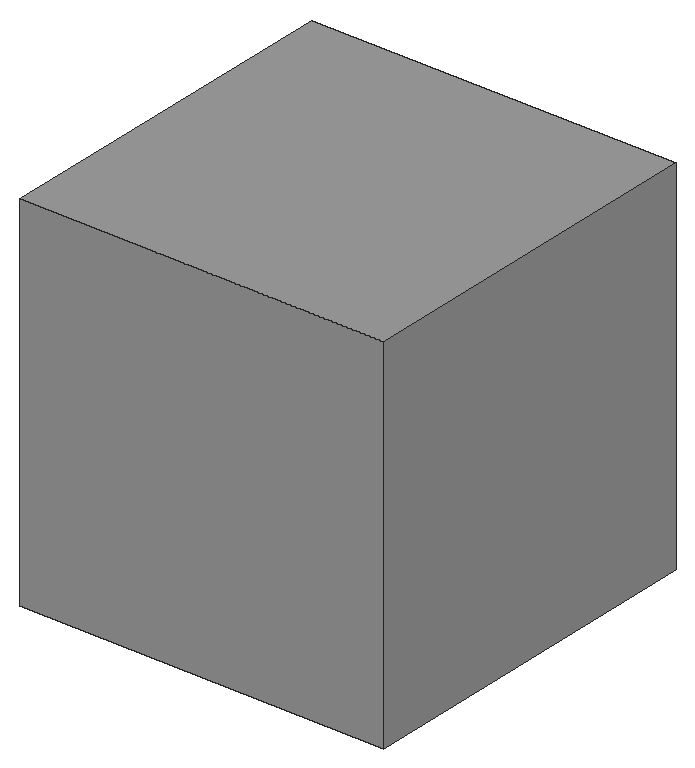
Revit family "小绿", category 常规模型, Revit 2018
Family settings
  可将钢筋附着到主体 = 否
  圆形连接件大小 = 使用直径
  零件类型 = 标准
  基于工作平面 = 否
  总是垂直 = 是
  加载时剪切的空心 = 否
  共享 = 否
  房间计算点 = 否
Reference planes
  plane 1 "中心(前/后)": y = 0
  plane 2: z = 0
  plane 3 "中心(左/右)": x = 0
Forms (mm)
  Extrusion 1, solid, material "小绿"
    sketch origin (0, 0, 0) x (1, 0, 0) y (0, 1, 0)
      loop
        line (0, 0) -> (1000, 0) -> (1000, 1000) -> (0, 1000) -> (0, 0)
    from 0 to 1000
Dimensions and locks
  aligned and locked: level to plane 2
